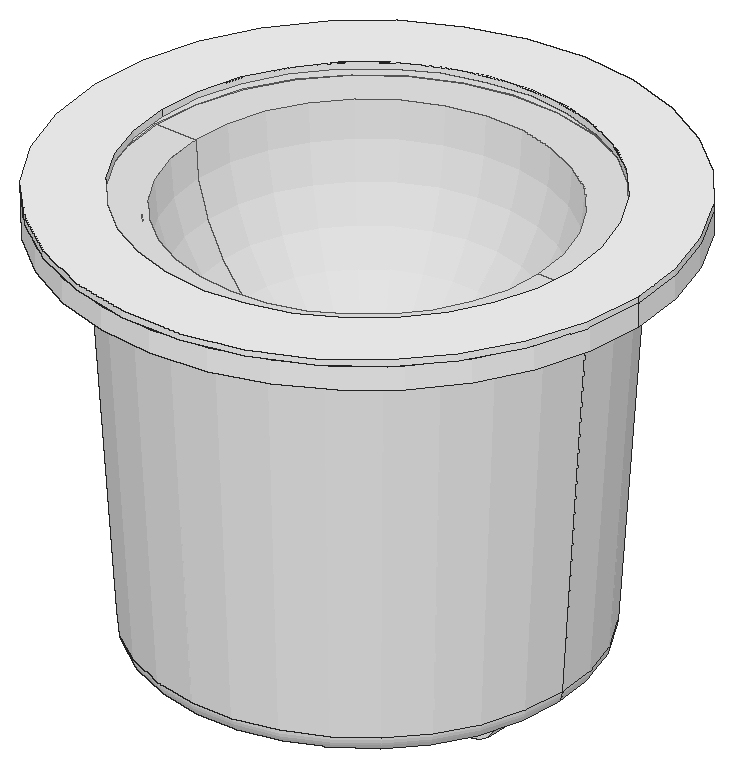
Revit family "2058871 Feilo Sylvania Lighting Fixture MYRD IP FL 2-7K DALIEM WHT WBEZ", category Lighting Fixtures, host Face, Revit 2017
Family settings
  Host = Face
  Round Connector Dimension = Use Diameter
  Part Type = Normal
  OmniClass Number = 23.80.70.11.17
  OmniClass Title = Specialized Lighting by Location or Use
  Cut with Voids When Loaded = No
  Light Source = Yes
  Shared = No
  Room Calculation Point = No
Parameters
  Weight = "1.44 kg"
  Wattage = 15 W
  WarrantyStartDate [instance] = "n/a"
  WarrantyGuarantorParts = "n/a"
  WarrantyDurationUnit = "n/a"
  WarrantyDurationParts = "n/a"
  WarrantyDescription = "n/a"
  built-in parameter 1150110 = 1 (stored number, unit not read)
  Voltage = 230 V
  URL = "http://www.sylvania-lighting.com"
  TypeName = "MYRD IP FL 2.7K DALIEM WHT WBEZ"
  Type Image = 0
  Type Comments = ""
  built-in parameter 1114217 = 1 (stored number, unit not read)
  Tilt Angle = -90°
  built-in parameter 1150109 = 1 (stored number, unit not read)
  built-in parameter 1150134 = (empty or 0)
  built-in parameter 1150113 = 1 (stored number, unit not read)
  SerialNumber [instance] = "n/a"
  Reflector Radius = Cutout Diameter / 2 - 2.5 mm  # 35.0 mm
  Reflector Material = Aluminum_Sylvania_Myriad_Bright
  Recessed Depth = Height  # 72.0 mm
  PowerFactor = 0
  PowerConsumption = "15 W"
  Photometric Web File = ""
  NominalWidth = 0.0 mm
  NominalLength = 76.0 mm
  NominalHeight = 72.0 mm
  Name = "MYRD IP FL 2.7K DALIEM WHT WBEZ"
  ModelReference = "MYRD IP FL 2.7K DALIEM WHT WBEZ"
  ModelNumber = "2058871"
  Material = "Aluminium"
  ManufacturerName = "Feilo Sylvania"
  LuminousEfficacy = "57 lm/W"
  LuminaireType = "Ceiling recessed"
  LightOutputRatio = "1"
  LampsType = Lamp  # "LED"
  LampNominalLuminous = "889 lm"
  LampMacAdamStep = "n/a"
  LampColourTemperature = "2700 K"
  LampColourRenderingIndex = "n/a"
  Keynote = "16500"
  Keynote_2 = "16500"
  InstallationDate [instance] = "n/a"
  InputVoltage = "230-240V~"
  InputNominalFrequency = "50/60 Hz"
  IngressProtection = "IP65"
  ImpactProtectionIndex = "IK02"
  IfcExportType = "IfcLightFixtureType"
  IfcExportAs = "IfcLightFixtureType"
  Height = 72.0 mm  # constant formula
  ExpectedLife = 50000
  Emit from Circle Diameter = Accessory Inner Diameter 2  # 68.0 mm
  Emit Shape Visible in Rendering = no
  ElectricShockClassification = "Class II"
  DurationUnit = "hours"
  DocumentationLiterature = "http://www.sylvania-lighting.com/product/en-int/products/2058871"
  DimmingControlOptions = "Dimmable"
  Diffuser Material = Glass_Sylvania_Myriad_Clear_4000K
  Diffuser Diameter = Cutout Diameter  # 75.0 mm
  Cutout Diameter = 75.0 mm  # constant formula
  CreatedOn = "03-11-2017"
  CreatedBy = ""
  Cost = 0
  built-in parameter 1114216 [instance] = 1 (stored number, unit not read)
  built-in parameter 1150142 = (empty or 0)
  Model = "MYRD IP FL 2.7K DALIEM WHT WBEZ"
  Manufacturer = "Feilo Sylvania"  # constant formula
  built-in parameter 1150105 = 68.039 (stored number, unit not read)
  Lumens = 855 lm
  built-in parameter 1150115 = 1 (stored number, unit not read)
  built-in parameter 1150137 = (empty or 0)
  built-in parameter 1150139 = (empty or 0)
  built-in parameter 1150112 = 1 (stored number, unit not read)
  built-in parameter 1150114 = 1 (stored number, unit not read)
  Lamp = "LED"
  built-in parameter 1150132 = (empty or 0)
  built-in parameter 1150102 = (empty or 0)
  built-in parameter 1150107 = 2700 (stored number, unit not read)
  built-in parameter 1150138 = (empty or 0)
  built-in parameter 1150106 = 0.68039 (stored number, unit not read)
  built-in parameter 1150104 = 5.2955 (stored number, unit not read)
  Dimming Lamp Color Temperature Shift = (empty or 0)
  Description = "Supplied complete with electronic control gear Compact Fluorescent low energy downlight Emergency version passes through the cut out Ideal for low level orientation lighting New range of Architectural accessories each providing a different lit dimension New completely flush plaster up accessory ring for clean ceiling lines and smooth finish Order lamp separately"  # constant formula
  Default Elevation = 0.0 mm
  Color Filter = 16777215
  built-in parameter 1140040 [instance] = 1
  Body Radius = Reflector Radius + 1.5 mm  # 36.5 mm
  Body Material = Aluminum_Sylvania_Myriad_Gray
  BarCode [instance] = "n/a"
  built-in parameter 1114218 = 1 (stored number, unit not read)
  built-in parameter 1150133 = 10 (stored number, unit not read)
  AssetType = "Fixed"
  AssetIdentifier [instance] = "n/a"
  Assembly Code = "D5020200"
  Apparent Load = 15 VA
  Accessory Material = Aluminum_Sylvania_Myriad_White
  Accessory Inner Diameter 2 = Accessory Diameter - 22.0 mm  # 68.0 mm
  Accessory Inner Diameter 1 = Accessory Diameter - 2.0 mm  # 88.0 mm
  Accessory Diameter = Cutout Diameter + 15.0 mm  # 90.0 mm
Reference planes
  plane 1 "Center (Front/Back)": y = 0
  plane 2: z = 0
  plane 3 "Center (Left/Right)": x = 0
  plane 4: z = 2
  plane 5 "Fixture Bottom": z = 4.5
  plane 6: z = -28.5
  plane 7: z = -61.5
  plane 8 "Fixture Top": z = -67.5
  plane 9: z = 3.5
Forms (mm)
  Revolve 1, solid, material "Aluminum_Sylvania_Myriad_Bright" <- "Reflector Material", detail levels fine
    sketch origin (0, 0, 0) x (1, 0, 0) y (0, 0, 1)
      loop
        line (0, -27.515) -> (-6, -27.515)
        arc (-6, -27.515) -> (-22.333, -16.632) -> (-28.5, 2) r 30.135
        line (-28.5, 2) -> (-35, 2) -> (-35, 0) -> (-29.184, 0)
        arc (-29.184, 0) -> (-22.423, -18.18) -> (-6, -28.5) r 30.204
        line (-6, -28.5) -> (0, -28.5) -> (0, -27.515)
      axis (0, -28.5) -> (0, 2)
    angle from 0 to 360
  Revolve 2, solid, material "Aluminum_Sylvania_Myriad_Gray" <- "Body Material", detail levels fine
    sketch origin (0, 0, 0) x (1, 0, 0) y (0, 0, 1)
      loop
        line (-44, 2) -> (-44, 0) -> (-36.5, 0) -> (-32.42, -58.708)
        arc (-32.42, -58.708) -> (-31.474, -60.694) -> (-29.428, -61.5) r 3
        line (-29.428, -61.5) -> (0, -61.5) -> (0, -28.5) -> (-6, -28.5)
        arc (-6, -28.5) -> (-22.423, -18.18) -> (-29.184, 0) r 30.204
        line (-29.184, 0) -> (-35, 0) -> (-35, 2) -> (-44, 2)
      axis (0, 2) -> (0, -61.5)
    angle from 0 to 360
  Extrusion 3, solid, material "Aluminum_Sylvania_Myriad_Gray" <- "Body Material", detail levels fine
    sketch origin (0, 0, 0) x (1, 0, 0) y (0, 0, 1)
      loop
        line (-13.5, -67.5) -> (21, -67.5)
        arc (21, -67.5) -> (23.828, -66.328) -> (25, -63.5) r 4
        line (25, -63.5) -> (25, -61.5) -> (-17.5, -61.5) -> (-17.5, -63.5)
        arc (-17.5, -63.5) -> (-16.328, -66.328) -> (-13.5, -67.5) r 4
    from -4.5 to 4.5
  Extrusion 4, solid, material "Aluminum_Sylvania_Myriad_White" <- "Accessory Material", detail levels fine
    sketch origin (0, 0, 0) x (1, 0, 0) y (0, 1, 0)
      loop
        circle (0, 0) r 45
      loop
        circle (0, 0) r 44
    from 0 to 3.5
  Extrusion 5, solid, material "Aluminum_Sylvania_Myriad_White" <- "Accessory Material", detail levels fine
    sketch origin (0, 0, 0) x (1, 0, 0) y (0, 1, 0)
      loop
        circle (0, 0) r 45
      loop
        circle (0, 0) r 34
    from 3.5 to 4.5
  Extrusion 6, solid, material "Aluminum_Sylvania_Myriad_White" <- "Accessory Material", detail levels coarse+medium
    sketch origin (0, 0, 0) x (1, 0, 0) y (0, 1, 0)
      loop
        circle (0, 0) r 45
    from 0 to 4.5
  Revolve 7, solid, detail levels coarse+medium
    sketch origin (0, 0, 0) x (1, 0, 0) y (0, 0, 1)
      loop
        line (36.5, 0) -> (0, 0) -> (0, -61.5) -> (32.226, -61.5) -> (36.5, 0)
      axis (0, 0) -> (0, -61.5)
    angle from 0 to 360
  Extrusion 8, void
    sketch origin (0, 0, 0) x (1, 0, 0) y (0, 1, 0)
      loop
        circle (0, 0) r 37.5
    from -67.5 to 0
  Extrusion 9, solid, material "Glass_Sylvania_Myriad_Clear_4000K" <- "Diffuser Material", detail levels fine
    sketch origin (0, 0, 0) x (1, 0, 0) y (0, 1, 0)
      loop
        circle (0, 0) r 37.5
    from 2 to 3.5
Cuts and joins
  joined: Extrusion 4, Extrusion 5
Lines and regions (mm)
  Masking region 1
    outline origin (0, 0, 0) x (1, 0, 0) y (0, 1, 0)
      loop
        circle (0, 0) r 45
  symbolic lines
    curve 1: arc (-34, 0, 0) -> (0, 34, 0) -> (34, 0, 0) r 34
    curve 2: arc (34, 0, 0) -> (0, -34, 0) -> (-34, 0, 0) r 34
Dimensions and locks
  locked: plane 7 to plane 8 "Fixture Top" at 6
  "Body Radius": Revolve 7 sketch curve to plane 3 "Center (Left/Right)"
  locked: Revolve 7 sketch curve to Revolve 7 sketch curve at 4.274
  plane 5 "Fixture Bottom" to plane 9 to plane 4 to plane 2 to plane 6 = 1.0 mm locked, 1.5 mm locked, 2.0 mm locked, 28.5 mm locked
  "Reflector Radius": Revolve 1 sketch curve to plane 3 "Center (Left/Right)"
  Revolve 1 sketch curve to Revolve 1 sketch curve to Revolve 1 sketch curve to Revolve 1 sketch curve = 6.5 mm locked, 22.5 mm locked, 0.0 mm locked
  "Reflector Radius": plane 3 "Center (Left/Right)" to Revolve 2 sketch curve
  Revolve 2 sketch curve to Revolve 2 sketch curve to Revolve 2 sketch curve = 7.5 mm locked, 1.5 mm locked
  Revolve 2 sketch curve to Revolve 2 sketch curve to Revolve 2 sketch curve = 5.816 mm locked, 23.184 mm locked
  Revolve 2 sketch curve to Revolve 2 sketch curve to Revolve 2 sketch curve = 2.58 mm locked, 2.993 mm locked
  "Accessory Diameter": diameter of Extrusion 4 sketch curve
  "Accessory Inner Diameter 1": diameter of Extrusion 4 sketch curve
  "Accessory Diameter": diameter of Extrusion 5 sketch curve
  "Accessory Diameter": diameter of Extrusion 6 sketch curve
  "Cutout Diameter": diameter of Extrusion 8 sketch curve
  "Accessory Inner Diameter 2": diameter of Extrusion 5 sketch curve
  "Diffuser Diameter": diameter of Extrusion 9 sketch curve
  aligned and locked: plane 2 to host face
  aligned and locked: level to host face
  aligned and locked: plane 1 "Center (Front/Back)" to imposter light
  aligned and locked: plane 3 "Center (Left/Right)" to imposter light
  aligned and locked: Revolve 1 sketch curve to imposter light
  aligned and locked: Extrusion 3 sketch curve to plane 8 "Fixture Top"
  aligned and locked: plane 7 to Extrusion 3 sketch curve
  aligned and locked: Extrusion 4 to plane 2
  aligned and locked: plane 9 to Extrusion 4
  aligned and locked: Extrusion 5 to plane 9
  aligned and locked: plane 5 "Fixture Bottom" to Extrusion 5
  aligned and locked: Extrusion 6 to plane 2
  aligned and locked: plane 5 "Fixture Bottom" to Extrusion 6
  aligned and locked: Extrusion 8 to plane 8 "Fixture Top"
  aligned and locked: plane 2 to Extrusion 8
  aligned and locked: Masking region 1 sketch curve to Extrusion 6  (x2)
  aligned and locked: Extrusion 9 to plane 4
  aligned and locked: plane 9 to Extrusion 9
  aligned and locked: plane 4 to Revolve 2 sketch curve
  aligned and locked: Revolve 2 sketch curve to plane 2
  aligned and locked: curve 1 to cut or joined group of Extrusion 4, Extrusion 5
  aligned and locked: curve 2 to cut or joined group of Extrusion 4, Extrusion 5
  aligned and locked: imposter light to plane 5 "Fixture Bottom"
Automatic sketch dimensions
  host sketch curve to host sketch curve = 1305.563 mm
  host sketch curve to host sketch curve = 1283.632 mm
  Extrusion 3 sketch curve to plane 7 = 2.0 mm
  Extrusion 3 sketch curve to plane 3 "Center (Left/Right)" = 13.5 mm
  plane 3 "Center (Left/Right)" to Extrusion 3 sketch curve = 21.0 mm
  Extrusion 3 sketch curve to Extrusion 3 sketch curve = 4.0 mm
  Revolve 1 sketch curve to level = 0.0 mm
  Revolve 1 sketch curve to plane 3 "Center (Left/Right)" = 0.0 mm
  Revolve 1 sketch curve to plane 6 = 0.0 mm
  Revolve 1 sketch curve to plane 4 = 0.0 mm
  Revolve 1 sketch curve to Revolve 1 sketch curve = 0.684 mm
  level to Revolve 1 sketch curve = 0.88 mm
  Revolve 1 sketch curve to plane 4 = 0.363 mm
  Revolve 1 sketch curve to Revolve 1 sketch curve = 0.625 mm
  Revolve 1 sketch curve to plane 8 "Fixture Top" = 232.8 mm
  plane 5 "Fixture Bottom" to Revolve 1 sketch curve = 291.243 mm
  Revolve 2 sketch curve to plane 3 "Center (Left/Right)" = 0.0 mm  (x2)
  Revolve 2 sketch curve to plane 7 = 0.0 mm
  Revolve 2 sketch curve to plane 6 = 0.0 mm
  Revolve 2 sketch curve to level = 0.0 mm
  level to Revolve 2 sketch curve = 0.88 mm
  plane 7 to Revolve 2 sketch curve = 2.792 mm
  Revolve 2 sketch curve to plane 8 "Fixture Top" = 304.774 mm
  plane 5 "Fixture Bottom" to Revolve 2 sketch curve = 1137.105 mm
  Extrusion 4 sketch curve to Extrusion 4 sketch curve = 0.0 mm  (x2)
  plane 1 "Center (Front/Back)" to Extrusion 4 sketch curve = 0.0 mm
  Extrusion 4 sketch curve to plane 3 "Center (Left/Right)" = 0.0 mm
  Extrusion 5 sketch curve to Extrusion 5 sketch curve = 0.0 mm  (x2)
  plane 1 "Center (Front/Back)" to Extrusion 5 sketch curve = 0.0 mm
  Extrusion 5 sketch curve to plane 3 "Center (Left/Right)" = 0.0 mm
  plane 1 "Center (Front/Back)" to Extrusion 6 sketch curve = 0.0 mm
  Extrusion 6 sketch curve to plane 3 "Center (Left/Right)" = 0.0 mm
  Revolve 7 sketch curve to level = 0.0 mm
  Revolve 7 sketch curve to plane 3 "Center (Left/Right)" = 0.0 mm  (x2)
  Revolve 7 sketch curve to plane 7 = 0.0 mm
  Revolve 7 sketch curve to plane 8 "Fixture Top" = 304.774 mm
  plane 5 "Fixture Bottom" to Revolve 7 sketch curve = 43.226 mm
  plane 1 "Center (Front/Back)" to Extrusion 8 sketch curve = 0.0 mm
  Extrusion 8 sketch curve to plane 3 "Center (Left/Right)" = 0.0 mm
  plane 1 "Center (Front/Back)" to Extrusion 9 sketch curve = 0.0 mm
  Extrusion 9 sketch curve to plane 3 "Center (Left/Right)" = 0.0 mm
Connectors
  electrical at (-0.006, -0.019, -67.5), driven by "Apparent Load", driven by "Apparent Load"
    settings: on plane 8 "Fixture Top", index 1, voltage 230 V, apparent load 15 VA, apparent load phase1 15 VA, apparent load phase2 0 VA, apparent load phase3 0 VA, power factor 1, load classification "Lighting", number of poles 1, system type 30, power factor state 1, is connector primary yes, connector utility no, sub classification motor no, connector description ""
